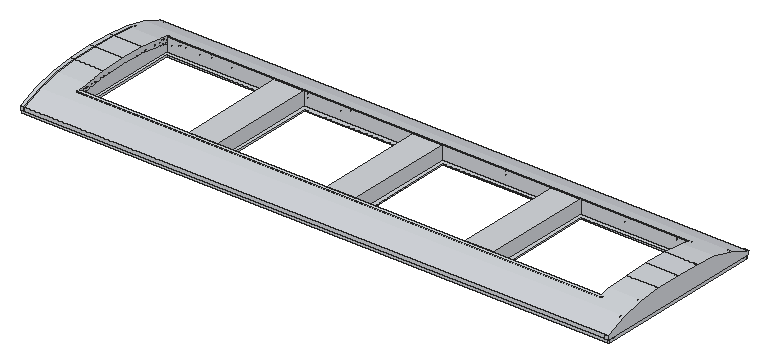
Revit family "Gira_0214395", category Electrical Fixtures, host Face, Revit 2017
Family settings
  Host = Face
  Maintain Annotation Orientation = No
  Round Connector Dimension = Use Diameter
  Part Type = Normal
  Cut with Voids When Loaded = No
  Shared = No
  Room Calculation Point = No
Parameters (values of type "Cov.fr. 4-g interm.fr. PW Gira Event Opaque mint")
  With mounting grid = "No"
  With hinged lid = "No"
  URL = "http://katalog.gira.de/en/datenblatt.html?artikelnr=0214395"
  Type of fastening = "Clamp mounting"
  Transparent = "No"
  Surface protection = "Other"
  Suitable for wall duct = "No"
  Suitable for flush-mounted installation = "Yes"
  Suitable for floor box = "No"
  Suitable for built-in installation = "No"
  Number of units vertical = "4"
  Number of units horizontal = "4"
  Number of units = "4"
  Name = "Cov.fr. 4-g interm.fr. PW Gira Event Opaque mint"
  Mounting direction = "Horizontal and vertical"
  Material quality = "Thermoplastic"
  Material = "Plastic"
  Manufacturer URL = "https://www.gira.de/"
  Manufacturer = "Gira"
  Label space/information surface = "No"
  Keynote = ""
  HeinzeBIM = "https://bimportal.heinze.de/bim/cov-fr-4-g-interm-fr-pw-gira-event-opaque-mint/804473d12744653b16aee6670174b6a906d71af1"
  Halogen free = "Yes"
  HAN = "0214395"
  GTIN = "4010337074472"
  Description = "Cov.fr.4g i.fr.PW EvOp MI,Gira Event Opaque frames,mint with pure white glossy intermediate frame,4-gang,Features:,- Shatter-proof."
  Degree of protection (IP) = "IP20"
  Default Elevation = 1219.2 mm
  Data sheet (1) = "https://katalog.gira.de/en/download.html?artikelnr=0214395"
  Colour = "Other"
  Category = "Cover frame for domestic switching devices"
  BIM (1) = "https://media.stage.bim.site/public/gira/36a6b08/Event_Rahmen_4fach.rfa"
  Available = "No"
Reference planes
  plane 1 "Center (Front/Back)": y = 0
  plane 2: z = 0
  plane 3 "Center (Left/Right)": x = 0
Forms (mm)
  Extrusion 1, solid, detail levels fine
    sketch origin (0, 0, 0.05) x (0, 1, 0) y (0, 0, 1)
      loop
        arc (12.445, 9.683) -> (6.223, 9.833) -> (0, 9.85) r 291.636
        arc (0, 9.85) -> (-6.223, 9.833) -> (-12.445, 9.683) r 291.636
        arc (-12.445, 9.683) -> (-29.14, 7.482) -> (-45, 1.823) r 79.728
        line (-45, 1.823) -> (-45, -0.05) -> (-42.086, -0.05)
        arc (-42.086, -0.05) -> (-21.385, 5.559) -> (0, 7.206) r 114.424
        arc (0, 7.206) -> (21.385, 5.559) -> (42.086, -0.05) r 114.424
        line (42.086, -0.05) -> (45, -0.05) -> (45, 1.823)
        arc (45, 1.823) -> (29.14, 7.482) -> (12.445, 9.683) r 79.728
    from -151.95 to 151.935
  Extrusion 2, void, detail levels fine
    sketch origin (0, 0, 0) x (1, 0, 0) y (0, 1, 0)
      loop
        line (134.95, 28.035) -> (-134.95, 28.035) -> (-134.95, -28.035) -> (134.95, -28.035) -> (134.95, 28.035)
    from 0.724 to 11
  Extrusion 3, solid, detail levels coarse
    sketch origin (0, 0, 0) x (1, 0, 0) y (0, 1, 0)
      loop
        line (-151.95, 45) -> (-151.95, -45) -> (151.935, -45) -> (151.935, 45) -> (-151.95, 45)
    from -1.5 to 9.9
  Extrusion 4, solid, detail levels medium
    sketch origin (0, 0, 0.05) x (0, 1, 0) y (0, 0, 1)
      loop
        arc (12.445, 9.683) -> (6.223, 9.833) -> (0, 9.85) r 291.636
        arc (0, 9.85) -> (-6.223, 9.833) -> (-12.445, 9.683) r 291.636
        arc (-12.445, 9.683) -> (-29.14, 7.482) -> (-45, 1.823) r 79.728
        line (-45, 1.823) -> (-45, -0.05) -> (45, -0.05) -> (45, 1.823)
        arc (45, 1.823) -> (29.14, 7.482) -> (12.445, 9.683) r 79.728
    from -151.95 to 151.935
  Extrusion 5, solid, detail levels fine
    sketch origin (-106.95, 0, -1.5) x (0, 1, 0) y (0, 0, -1)
      loop
        line (45, -3.373) -> (45, -1.5) -> (-45, -1.5) -> (-45, -3.373)
        arc (-45, -3.373) -> (-29.14, -9.032) -> (-12.445, -11.233) r 79.728
        arc (-12.445, -11.233) -> (-6.223, -11.383) -> (0, -11.4) r 291.636
        arc (0, -11.4) -> (6.223, -11.383) -> (12.445, -11.233) r 291.636
        arc (12.445, -11.233) -> (29.14, -9.032) -> (45, -3.373) r 79.728
    from 43 to 45
  Extrusion 6, solid, detail levels fine
    sketch origin (0, 0, 0) x (1, 0, 0) y (0, 1, 0)
      loop
        line (-132.85, 25.7) -> (-132.85, -25.7) -> (-81.05, -25.7) -> (-81.05, 25.7) -> (-132.85, 25.7)
      loop
        line (-9.755, -25.7) -> (-9.755, 25.7) -> (-61.555, 25.7) -> (-61.555, -25.7) -> (-9.755, -25.7)
      loop
        line (-135.845, 28.49) -> (-135.845, -28.495)
        spline (-135.845, -28.495) -> (-135.836, -28.625) -> (-135.811, -28.754) -> (-135.769, -28.878) -> (-135.711, -28.995) -> (-135.638, -29.104) -> (-135.552, -29.202) -> (-135.454, -29.288) -> (-135.345, -29.361) -> (-135.228, -29.419) -> (-135.104, -29.461) -> (-134.975, -29.486) -> (-134.845, -29.495)
        line (-134.845, -29.495) -> (134.845, -29.495)
        spline (134.845, -29.495) -> (134.975, -29.486) -> (135.104, -29.461) -> (135.228, -29.419) -> (135.345, -29.361) -> (135.454, -29.288) -> (135.552, -29.202) -> (135.638, -29.104) -> (135.711, -28.995) -> (135.769, -28.878) -> (135.811, -28.754) -> (135.836, -28.625) -> (135.845, -28.495)
        line (135.845, -28.495) -> (135.845, 28.49)
        spline (135.845, 28.49) -> (135.836, 28.62) -> (135.811, 28.748) -> (135.769, 28.872) -> (135.711, 28.99) -> (135.638, 29.098) -> (135.552, 29.197) -> (135.454, 29.283) -> (135.345, 29.356) -> (135.228, 29.413) -> (135.104, 29.456) -> (134.975, 29.481) -> (134.845, 29.49)
        line (134.845, 29.49) -> (-134.845, 29.49)
        spline (-134.845, 29.49) -> (-134.975, 29.481) -> (-135.104, 29.456) -> (-135.228, 29.413) -> (-135.345, 29.356) -> (-135.454, 29.283) -> (-135.552, 29.197) -> (-135.638, 29.098) -> (-135.711, 28.99) -> (-135.769, 28.872) -> (-135.811, 28.748) -> (-135.836, 28.62) -> (-135.845, 28.49)
      loop
        line (61.545, -25.7) -> (61.545, 25.7) -> (9.745, 25.7) -> (9.745, -25.7) -> (61.545, -25.7)
      loop
        line (132.85, -25.7) -> (132.85, 25.7) -> (81.05, 25.7) -> (81.05, -25.7) -> (132.85, -25.7)
    from 0.1 to 7.3
  Extrusion 7, solid
    sketch origin (0, 0, 0) x (1, 0, 0) y (0, 1, 0)
      loop
        arc (-151.65, -44.218) -> (-151.504, -44.572) -> (-151.15, -44.718) r 0.5
        line (-151.15, -44.718) -> (151.15, -44.718)
        arc (151.15, -44.718) -> (151.504, -44.572) -> (151.65, -44.218) r 0.5
        line (151.65, -44.218) -> (151.65, 44.182)
        arc (151.65, 44.182) -> (151.504, 44.535) -> (151.15, 44.682) r 0.5
        line (151.15, 44.682) -> (-151.15, 44.682)
        arc (-151.15, 44.682) -> (-151.504, 44.535) -> (-151.65, 44.182) r 0.5
        line (-151.65, 44.182) -> (-151.65, -44.218)
      loop
        line (-149.95, 42.982) -> (-149.95, -43.018) -> (149.95, -43.018) -> (149.95, 42.982) -> (-149.95, 42.982)
    from -1.5 to 0.5
  Extrusion 8, solid, detail levels fine
    sketch origin (106.935, 0, -1.5) x (0, 1, 0) y (0, 0, 1)
      loop
        arc (45, 3.373) -> (29.14, 9.032) -> (12.445, 11.233) r 79.728
        arc (12.445, 11.233) -> (6.223, 11.383) -> (0, 11.4) r 291.636
        arc (0, 11.4) -> (-6.223, 11.383) -> (-12.445, 11.233) r 291.636
        arc (-12.445, 11.233) -> (-29.14, 9.032) -> (-45, 3.373) r 79.728
        line (-45, 3.373) -> (-45, 1.5) -> (45, 1.5) -> (45, 3.373)
    from 43 to 45
  Extrusion 9, solid, detail levels medium
    sketch origin (0, 0, 0) x (1, 0, 0) y (0, 1, 0)
      loop
        line (-151.65, -44.718) -> (151.65, -44.718) -> (151.65, 44.682) -> (-151.65, 44.682) -> (-151.65, -44.718)
    from -1.5 to 0.5
  Extrusion 10, solid, detail levels fine
    sketch origin (-69.857, 0, 0) x (1, 0, 0) y (0, 1, 0)
      loop
        line (-8.943, 28.063) -> (-8.943, -27.937) -> (6.057, -27.937) -> (6.057, 28.063) -> (-8.943, 28.063)
    from 0.724 to 7.566
  Extrusion 11, solid, detail levels fine
    sketch origin (-1.443, 0, 0) x (-1, 0, 0) y (0, -1, 0)
      loop
        line (-8.943, -28.063) -> (6.057, -28.063) -> (6.057, 27.937) -> (-8.943, 27.937) -> (-8.943, -28.063)
    from 0.724 to 7.566
  Extrusion 12, solid, detail levels fine
    sketch origin (69.857, 0, 0) x (-1, 0, 0) y (0, -1, 0)
      loop
        line (-8.943, -28.063) -> (6.057, -28.063) -> (6.057, 27.937) -> (-8.943, 27.937) -> (-8.943, -28.063)
    from 0.724 to 7.566
Cuts and joins
  Extrusion 2 cuts Extrusion 1
  Extrusion 2 cuts Extrusion 6
Dimensions and locks
  aligned and locked: plane 2 to host face
  aligned and locked: level to host face
